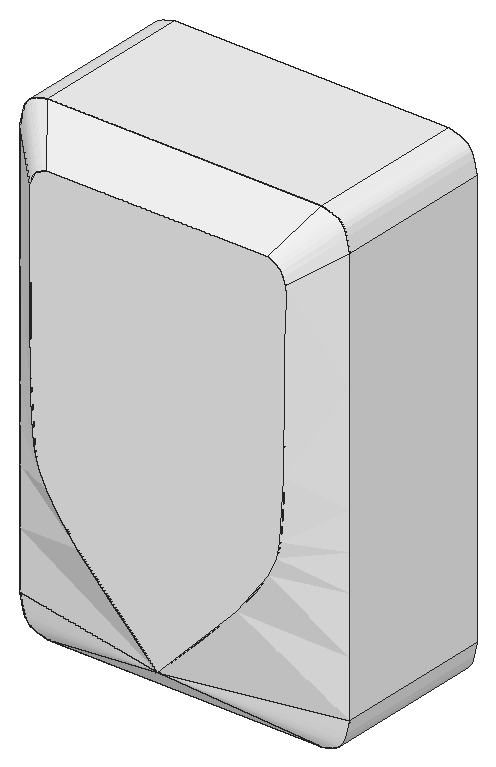
Revit family "Compact Hand Dryer 700W- White ABS Plastic_IN", category Generic Models, Revit 2017
Family settings
  Can host rebar = No
  Round Connector Dimension = Use Diameter
  Part Type = Normal
  Work Plane-Based = No
  Always vertical = Yes
  Cut with Voids When Loaded = No
  Shared = No
  Room Calculation Point = No
Parameters
  Website = "https://dolphy.in/"  # constant formula
  Model = "DAHD0062"  # constant formula
  Contact number = "+91 9520202035"  # constant formula
  Contact email = "info@dolphy.in"  # constant formula
  Company name = "Dolphy India"  # constant formula
Reference planes
  plane 1 "Center (Front/Back)": y = 0
  plane 2: z = 0
  plane 3 "Center (Left/Right)": x = 0
Forms (mm)
  Extrusion 1, solid, material "WHITE"
    sketch origin (0, 0, 11) x (1, 0, 0) y (0, 0, 1)
      loop
        line (-87, 227.384) -> (-87, 6.616)
        spline (-87, 6.616) -> (-86.288, 2.813) -> (-85.659, -0.064) -> (-85.083, -2.186) -> (-84.531, -3.728) -> (-83.974, -4.859) -> (-83.389, -5.724) -> (-82.752, -6.451) -> (-82.042, -7.168) -> (-81.097, -7.967) -> (-79.464, -8.866) -> (-76.654, -9.874) -> (-72.18, -11)
        line (-72.18, -11) -> (72.18, -11)
        spline (72.18, -11) -> (76.654, -9.874) -> (79.464, -8.866) -> (81.097, -7.967) -> (82.042, -7.168) -> (82.752, -6.451) -> (83.389, -5.724) -> (83.974, -4.859) -> (84.531, -3.728) -> (85.083, -2.186) -> (85.659, -0.064) -> (86.288, 2.813) -> (87, 6.616)
        line (87, 6.616) -> (87, 227.384)
        spline (87, 227.384) -> (86.288, 231.187) -> (85.659, 234.064) -> (85.083, 236.186) -> (84.531, 237.728) -> (83.974, 238.859) -> (83.389, 239.724) -> (82.752, 240.451) -> (82.042, 241.168) -> (81.097, 241.967) -> (79.464, 242.866) -> (76.654, 243.874) -> (72.18, 245)
        line (72.18, 245) -> (-72.18, 245)
        spline (-72.18, 245) -> (-76.654, 243.874) -> (-79.464, 242.866) -> (-81.097, 241.967) -> (-82.042, 241.168) -> (-82.752, 240.451) -> (-83.389, 239.724) -> (-83.974, 238.859) -> (-84.531, 237.728) -> (-85.083, 236.186) -> (-85.659, 234.064) -> (-86.288, 231.187) -> (-87, 227.384)
    from 0 to 83.86
  Blend 2, solid, material "WHITE"
    base sketch origin (0, 0, 11) x (1, 0, 0) y (0, 0, 1)
      loop
        line (-87, 227.384) -> (-87, 6.616)
        spline (-87, 6.616) -> (-86.288, 2.813) -> (-85.659, -0.064) -> (-85.083, -2.186) -> (-84.531, -3.728) -> (-83.974, -4.859) -> (-83.389, -5.724) -> (-82.752, -6.451) -> (-82.042, -7.168) -> (-81.097, -7.967) -> (-79.464, -8.866) -> (-76.654, -9.874) -> (-72.18, -11)
        line (-72.18, -11) -> (72.18, -11)
        spline (72.18, -11) -> (76.654, -9.874) -> (79.464, -8.866) -> (81.097, -7.967) -> (82.042, -7.168) -> (82.752, -6.451) -> (83.389, -5.724) -> (83.974, -4.859) -> (84.531, -3.728) -> (85.083, -2.186) -> (85.659, -0.064) -> (86.288, 2.813) -> (87, 6.616)
        line (87, 6.616) -> (87, 227.384)
        spline (87, 227.384) -> (86.288, 231.187) -> (85.659, 234.064) -> (85.083, 236.186) -> (84.531, 237.728) -> (83.974, 238.859) -> (83.389, 239.724) -> (82.752, 240.451) -> (82.042, 241.168) -> (81.097, 241.967) -> (79.464, 242.866) -> (76.654, 243.874) -> (72.18, 245)
        line (72.18, 245) -> (-72.18, 245)
        spline (-72.18, 245) -> (-76.654, 243.874) -> (-79.464, 242.866) -> (-81.097, 241.967) -> (-82.042, 241.168) -> (-82.752, 240.451) -> (-83.389, 239.724) -> (-83.974, 238.859) -> (-84.531, 237.728) -> (-85.083, 236.186) -> (-85.659, 234.064) -> (-86.288, 231.187) -> (-87, 227.384)
    top sketch origin (0, 0, 11) x (1, 0, 0) y (0, 0, 1)
      loop
        spline (-67.612, 213.356) -> (-67.55, 183.886) -> (-67.379, 155.897) -> (-67.119, 131.874) -> (-66.785, 114.184) -> (-66.316, 102.695) -> (-65.576, 94.855) -> (-64.411, 88.029) -> (-62.103, 80.227) -> (-57.175, 70.327) -> (-47.463, 56.664) -> (-29.58, 36.414) -> (0, 6.616)
        spline (0, 6.616) -> (29.58, 36.414) -> (47.463, 56.664) -> (57.175, 70.327) -> (62.103, 80.227) -> (64.411, 88.029) -> (65.576, 94.855) -> (66.316, 102.695) -> (66.785, 114.184) -> (67.119, 131.874) -> (67.379, 155.897) -> (67.55, 183.886) -> (67.612, 213.356)
        spline (67.612, 213.356) -> (67.256, 215.082) -> (66.836, 216.588) -> (66.348, 217.892) -> (65.787, 219.016) -> (65.149, 219.981) -> (64.429, 220.806) -> (63.624, 221.511) -> (62.729, 222.118) -> (61.739, 222.647) -> (60.651, 223.117) -> (59.459, 223.55) -> (58.161, 223.966)
        line (58.161, 223.966) -> (-58.161, 223.966)
        spline (-58.161, 223.966) -> (-59.459, 223.55) -> (-60.651, 223.117) -> (-61.739, 222.647) -> (-62.729, 222.118) -> (-63.624, 221.511) -> (-64.429, 220.806) -> (-65.149, 219.981) -> (-65.787, 219.016) -> (-66.348, 217.892) -> (-66.836, 216.588) -> (-67.256, 215.082) -> (-67.612, 213.356)
    from 83.86 to 102
Dimensions and locks
  aligned and locked: level to plane 2
